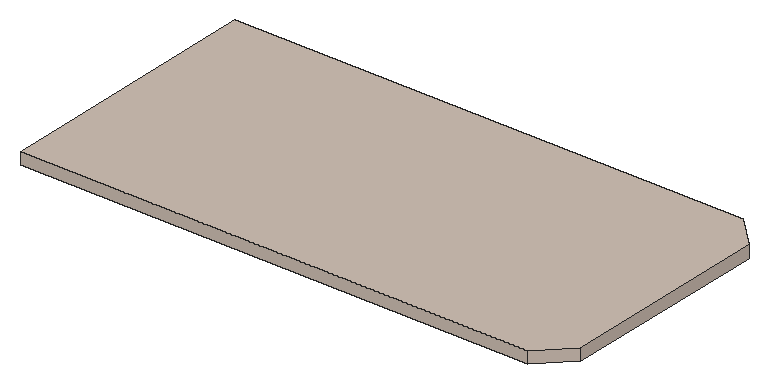
Revit family
Parameters (values of type "Worktop End with Chamfered Corners")
  Worktop Width = 900 mm
  Worktop Thickness = 40 mm
  Worktop Length [instance] = 1800 mm
  Material Worktop = Laminate - Marble
  Depth = Worktop Width  # 900 mm
  Height = 900 mm
  Width [instance] = Worktop Length  # 1800 mm
  Chamfer Distance = 100 mm
Reference planes
  plane 1 "Back": y = -65.41
  plane 2: z = 0
  plane 3 "Front": y = -965.41
  plane 4 "Left": x = -405.3
  plane 5 "Right": x = 1394.7
  plane 6 "Top": z = 900
  plane 7: x = 1294.7
  plane 8: y = -865.41
  plane 9: y = -165.41
Forms (mm)
  Extrusion 1, solid, material "Laminate - Marble" <- "Material Worktop"
    sketch origin (0, 0, 900) x (0, -1, 0) y (-1, 0, 0)
      loop
        line (965.41, 405.3) -> (65.41, 405.3) -> (65.41, -1294.7) -> (165.41, -1394.7) -> (865.41, -1394.7) -> (965.41, -1294.7) -> (965.41, 405.3)
    from 0 to 40
Dimensions and locks
  "Worktop Length": plane 5 "Right" to plane 4 "Left"
  "Worktop Width": plane 3 "Front" to plane 1 "Back"
  "Height": level to plane 6 "Top"
  "Worktop Thickness": plane 6 "Top" to Extrusion 1
  "Chamfer Distance": plane 9 to plane 1 "Back"
  "Chamfer Distance": plane 3 "Front" to plane 8
  "Chamfer Distance": plane 7 to plane 5 "Right"
Automatic sketch dimensions
  Extrusion 1 sketch curve to plane 9 = 0 mm
  Extrusion 1 sketch curve to plane 5 "Right" = 0 mm
  Extrusion 1 sketch curve to plane 8 = 0 mm
  Extrusion 1 sketch curve to plane 3 "Front" = 0 mm
  Extrusion 1 sketch curve to plane 4 "Left" = 0 mm
  Extrusion 1 sketch curve to plane 7 = 0 mm  (x2)
  Extrusion 1 sketch curve to plane 1 "Back" = 0 mm
